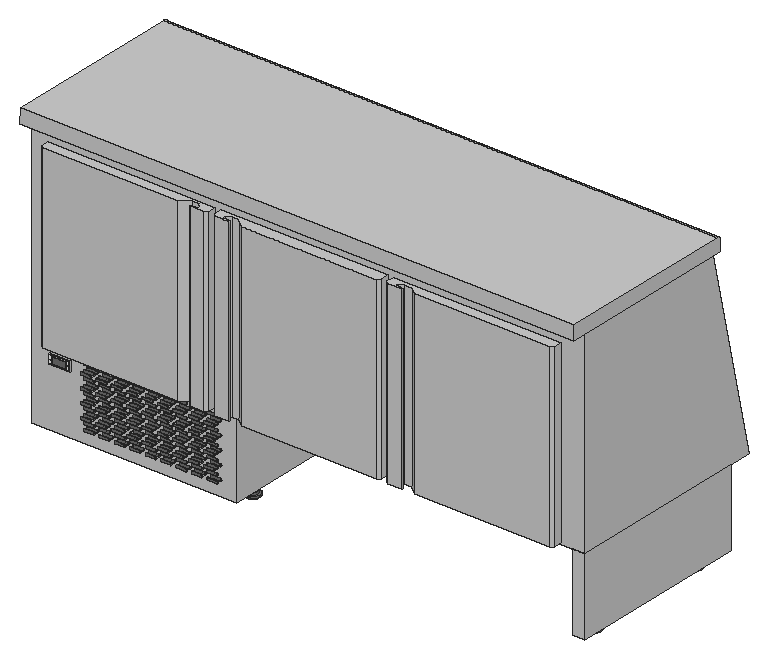
Revit family "QF_INFRICO_VC2010_250815103717", category Specialty Equipment, Revit 2021
Family settings
  Round Connector Dimension = Use Diameter
  Part Type = Normal
  OmniClass Number = 23.40.40.14
  OmniClass Title = Food Service Equipment
  Work Plane-Based = No
  Always vertical = Yes
  Cut with Voids When Loaded = No
  Shared = No
  Room Calculation Point = No
Parameters (values of type "VC2010")
  Weight [instance] = 212.00 kg
  Waste Water Discharge Temperature [instance] = 0 °C
  Waste Remarks [instance] = ""
  Warranty Start Date [instance] = ""
  Warranty Duration [instance] = ""
  Volts [instance] = 230 V
  Volt Free Conn [instance] = no
  URL Recommended Spares List [instance] = ""
  URL Manufacturer [instance] = ""
  URL Cutsheet [instance] = ""
  URL Critical Spares List [instance] = ""
  URL = "www.infrico.com"
  Technical Documentation [instance] = ""
  Tag Number [instance] = ""
  Status [instance] = ""
  Start Up Current [instance] = 0 A
  Specification by User [instance] = ""
  Specification by Manufacturer [instance] = ""
  Sound Level [instance] = ""
  Show Logo [instance] = yes
  Show Clearances [instance] = yes
  Service Life Duration [instance] = ""
  Serial Number [instance] = ""
  Seismic Rating [instance] = ""
  SMACNA No [instance] = ""
  Revision Code [instance] = ""
  Revision [instance] = ""
  Production Year [instance] = ""
  Potential Equalisation [instance] = no
  Point Load [instance] = 0
  Plumbing Connection Type [instance] = ""
  Phase [instance] = 1
  Other Equipment Approvals [instance] = ""
  Operational Current [instance] = 0 A
  Number of Poles [instance] = 2
  No Load Power Draw [instance] = no
  NAFEM Spec ID Number [instance] = ""
  Model Warning [instance] = ""
  Model = "VC2010"
  Min Ckt Ampacity [instance] = 0 A
  Max Overcurrent Protection [instance] = 0 A
  Masterspec [instance] = ""
  Manufacturer = "INFRICO"
  Main switch integrated [instance] = no
  Length Actual [instance] = 2011 mm
  Item Number [instance] = ""
  Installed By [instance] = ""
  Installation Date [instance] = ""
  Indirect Waste Size [instance] = 19.05 mm
  Indirect Waste Remarks [instance] = ""
  Indirect Waste Flow [instance] = 0.0 L/s
  Indirect Waste Connection Type [instance] = ""
  Indirect Waste Connection Height [instance] = 0 mm
  Identify Quantity as Lot [instance] = no
  ID [instance] = ""
  Hygiene Approval [instance] = ""
  Height Actual [instance] = 1060 mm
  HP power [instance] = ""
  Furnished By [instance] = ""
  Foodservice Equipment Identifier [instance] = no
  FL Amps [instance] = 0 A
  Electrical Remarks [instance] = ""
  Electric power [instance] = 680 W
  Electric Connection Type [instance] = ""
  Elec Conn RI Height [instance] = 0 mm
  Elec Conn Connection Height [instance] = 0 mm
  ETL Approved [instance] = no
  Direct Waste Water Discharge Temperature [instance] = -273.15 °C
  Direct Waste Size [instance] = 19.05 mm
  Direct Waste RI Height [instance] = 0 mm
  Direct Waste Flow [instance] = 0.0 L/s
  Direct Waste Connection Height [instance] = 0 mm
  Description = "3/4 VISION COUNTER CASE - THREE DOORS - R134A"
  Depth Actual [instance] = 800 mm
  Default Elevation = 0 mm
  Cycle [instance] = 50 Hz
  Cost = 0
  Connection to energy optimisation system [instance] = yes
  Conn Plug [instance] = ""
  Conn Conduit [instance] = no
  Centralized building control system with digital interface [instance] = ""
  CSI MasterFormat [instance] = ""
  CE Approved [instance] = no
  Barcode [instance] = 0
  Author [instance] = ""
  Asset Identifier [instance] = ""
  Apparent Power [instance] = 680 VA
  Accessory [instance] = no
Reference planes
  plane 1 "Center (Front/Back)": y = 0
  plane 2: z = 0
  plane 3 "Center (Left/Right)": x = 0
Forms (mm)
  Extrusion 1, solid, not visible
    sketch origin (1863.591, -700.034, 298.015) x (1, 0, 0) y (0, 1, 0)
      loop
        line (-2, 2) -> (-2, -2) -> (2, -2) -> (2, 2) -> (-2, 2)
    from -2 to 2
  Extrusion 2, solid, not visible
    sketch origin (105.005, -742.036, 55.003) x (1, 0, 0) y (0, 1, 0)
      loop
        line (-2, 2) -> (-2, -2) -> (2, -2) -> (2, 2) -> (-2, 2)
    from -2 to 2
Dimensions and locks
  locked: nested 2 to Extrusion 1 at 2  (x2)
  locked: nested 3 to Extrusion 2 at 4
  locked: nested 3 to Extrusion 2 at 2
  aligned and locked: level to plane 2
Nested families
  nested 1: "QF_INFRICO_VC2010_2920" at (0, 0, 0), type "VC2010"
    with Weight 212.00 kg, Warranty Start Date "", Warranty Duration "", URL Cutsheet "", Technical Documentation "", Tag Number "", Status "", Specification by User "", Specification by Manufacturer "", Sound Level "", Solid Fuel Type "", Show Logo yes, Show Clearances yes, Show Clearance yes, Service Life Duration "", Serial Number "", Seismic Rating "", SMACNA No "", Revision Code "", Revision "", Production Year "", Point Load 0, Other Equipment Approvals "", NAFEM Spec ID Number "", Model Warning "", Masterspec "", Length Actual 2011 mm, Item Number "", Installed By "", Installation Date "", Identify Quantity as Lot yes, ID "", Hygiene Approval "", Height Actual 1060 mm, Furnished By "", Foodservice Equipment Identifier yes, Finish none, ETL Approved yes, Depth Actual 800 mm, CSI MasterFormat "", CE Approved no, Barcode "", Author "", Asset Identifier "", Accessory no
  nested 2: "CONN_POINT_DRAIN_2D___Generic_Annotation" at (1863.591, -700.034, 296.014), type "CONN_POINT_DRAIN_2D___Generic_Annotation"
    with Onboard connection annotation symbol visibility yes
  nested 3: "CONN_POINT_ELE_2D___Generic_Annotation" at (105.005, -744.036, 55.003), type "CONN_POINT_ELE_2D___Generic_Annotation"
    with Onboard connection annotation symbol visibility yes
Connectors
  piping at (1863.591, -700.034, 296.014), diameter 19.05, driven by "Indirect Waste Size", driven by "Direct Waste Flow"
    settings: on Extrusion 1, index 1, connector inside diameter 609.6 mm, connector length 0 mm, flow factor 0, pipe flow 0.0 L/s, pressure drop 0.0 Pa, fitting loss kfactor 0, connector angle 0.00°, fixture units 0, engagement length 0 mm, angle of deflection 0.00°, flow configuration 1, flow direction 2, fitting loss method 0, system type 16, joint type 0, gender type 0, connector reference index -1, connector utility 0, adjustable connector no, is connector primary yes, connector description "Waste connection for VC2010"
  electrical at (105.005, -744.036, 55.003), driven by "Apparent Power", driven by "Number of Poles", driven by "Volts"
    settings: on Extrusion 2, index 2, voltage 230 V, apparent load 0 VA, apparent load phase1 680 VA, apparent load phase2 0 VA, apparent load phase3 0 VA, power factor 1, load classification "Other", number of poles 2, system type 31, power factor state 1, is connector primary yes, connector utility no, sub classification motor no, connector description "Electrical connection for VC2010"
Definition of nested family "QF_INFRICO_VC2010_2920"
  Parameters (values of type "VC2010")
    Weight [instance] = 0.00 kg
    Warranty Start Date [instance] = ""
    Warranty Duration [instance] = ""
    URL Cutsheet [instance] = ""
    URL = "www.jestic.co.uk"
    Technical Documentation [instance] = ""
    Tag Number [instance] = ""
    Status [instance] = ""
    Specification by User [instance] = ""
    Specification by Manufacturer [instance] = ""
    Sound Level [instance] = ""
    Solid Fuel Type [instance] = ""
    Show Logo [instance] = yes
    Show Clearances [instance] = yes
    Show Clearance [instance] = yes
    Service Life Duration [instance] = ""
    Serial Number [instance] = ""
    Seismic Rating [instance] = ""
    SMACNA No [instance] = ""
    Revision Code [instance] = ""
    Revision [instance] = ""
    Production Year [instance] = ""
    Point Load [instance] = 0
    Other Equipment Approvals [instance] = ""
    NAFEM Spec ID Number [instance] = ""
    Model Warning [instance] = ""
    Model = "VC2010"
    Masterspec [instance] = ""
    Manufacturer = "INFRICO"
    Length Actual [instance] = 0 mm
    Item Number [instance] = ""
    Installed By [instance] = ""
    Installation Date [instance] = ""
    Identify Quantity as Lot [instance] = yes
    ID [instance] = ""
    Hygiene Approval [instance] = ""
    Height Actual [instance] = 0 mm
    Furnished By [instance] = ""
    Foodservice Equipment Identifier [instance] = yes
    Finish [instance] = none
    ETL Approved [instance] = yes
    Description = "3/4 VISION COUNTER CASE - THREE DOORS - R134A"
    Depth Actual [instance] = 0 mm
    Default Elevation = 0 mm
    CSI MasterFormat [instance] = ""
    CE Approved [instance] = yes
    Barcode [instance] = ""
    Author [instance] = ""
    Asset Identifier [instance] = ""
    Assembly Code = "E1090320"
    Accessory [instance] = yes
  Reference planes
    plane 1 "Back": y = 0
    plane 2: z = 0
    plane 3 "Left": x = 0
    plane 4 "Right": x = 2011
    plane 5 "Front": y = -800
    plane 6 "Top": z = 1060
  Forms (mm)
    Extrusion 1, solid
      sketch origin (0, 0, 86) x (0, 1, 0) y (0, 0, 1)
        loop
          line (-744, 924) -> (-744, 210) -> (-4, 210) -> (-164.901, 924) -> (-744, 924)
      from 0 to 25
    Extrusion 2, solid
      sketch origin (1986, 0, 86) x (0, 1, 0) y (0, 0, 1)
        loop
          line (-744, 924) -> (-744, 210) -> (-4, 210) -> (-164.901, 924) -> (-744, 924)
      from 0 to 25
    Extrusion 3, solid
      sketch origin (0, 6, 90) x (0, 1, 0) y (0, 0, 1)
        loop
          line (-800, 920) -> (-140, 920) -> (-140, 960)
          arc (-140, 960) -> (-142.929, 967.071) -> (-150, 970) r 10
          line (-150, 970) -> (-800, 970) -> (-800, 920)
      from 0 to 2011
    Extrusion 4, solid
      sketch origin (0, 0, -4) x (0, 1, 0) y (0, 0, 1)
        loop
          line (-744, 300) -> (-744, 20) -> (-84, 20) -> (-84, 300) -> (-744, 300)
      from 0 to 25
    Extrusion 5, solid
      sketch origin (1986, 0, -4) x (0, 1, 0) y (0, 0, 1)
        loop
          line (-744, 300) -> (-744, 20) -> (-84, 20) -> (-84, 300) -> (-744, 300)
      from 0 to 25
    Extrusion 6, solid
      sketch origin (0, 0, 0) x (0, 1, 0) y (0, 0, 1)
        loop
          line (-94, 296) -> (-144, 296) -> (-144, 16) -> (-94, 16) -> (-94, 26) -> (-104, 36) -> (-104, 276) -> (-94, 286) -> (-94, 296)
      from 25 to 1986
    Extrusion 7, solid
      sketch origin (25, 0, 86) x (0, 1, 0) y (0, 0, 1)
        loop
          line (-744, 924) -> (-744, 210) -> (-54, 210) -> (-214.901, 924) -> (-744, 924)
      from 0 to 30
    Extrusion 8, solid
      sketch origin (1956, 0, 86) x (0, 1, 0) y (0, 0, 1)
        loop
          line (-744, 924) -> (-744, 210) -> (-54, 210) -> (-214.901, 924) -> (-744, 924)
      from 0 to 30
    Extrusion 9, solid
      sketch origin (0, -0.901, 4) x (0, 1, 0) y (0, 0, 1)
        loop
          line (-214, 1006) -> (-743.099, 1006) -> (-743.099, 964) -> (-204.535, 964) -> (-214, 1006)
      from 55 to 1956
    Extrusion 10, solid
      sketch origin (0, 0, -668) x (0, 1, 0) y (0, 0, 1)
        loop
          line (-63.465, 1006) -> (-744, 1006) -> (-744, 964) -> (-54, 964) -> (-63.465, 1006)
      from 55 to 1956
    Extrusion 11, solid
      sketch origin (0, 25.281, 103.397) x (1, 0, 0) y (0, -0.219839, 0.975536)
        loop
          line (44, 908.837) -> (44, 238.837) -> (1967, 238.837) -> (1967, 908.837) -> (44, 908.837)
        loop
          line (92, 860.837) -> (92, 286.837) -> (1919, 286.837) -> (1919, 860.837) -> (92, 860.837)
      from 0 to 35
    Extrusion 12, solid
      sketch origin (0, 0, 0) x (0, 1, 0) y (0, 0, 1)
        loop
          line (-163.964, 943.174) -> (-189.328, 937.458) -> (-63.141, 377.501) -> (-37.777, 383.217) -> (-163.964, 943.174)
      from 92 to 1919
    Revolve 13, solid
      sketch origin (35, -659, 0) x (0, 1, 0) y (0, 0, 1)
        loop
          line (0, 0) -> (20, 0)
          arc (20, 0) -> (23.536, 1.464) -> (25, 5) r 5
          line (25, 5) -> (25, 10) -> (15, 10) -> (15, 15) -> (7, 15) -> (7, 16) -> (0, 16) -> (0, 0)
        axis (0, 0) -> (0, 16)
      angle from 0 to 360
    Revolve 14, solid
      sketch origin (1976, -659, 0) x (0, 1, 0) y (0, 0, 1)
        loop
          line (0, 0) -> (20, 0)
          arc (20, 0) -> (23.536, 1.464) -> (25, 5) r 5
          line (25, 5) -> (25, 10) -> (15, 10) -> (15, 15) -> (7, 15) -> (7, 16) -> (0, 16) -> (0, 0)
        axis (0, 0) -> (0, 16)
      angle from 0 to 360
    Revolve 15, solid
      sketch origin (35, -199, 0) x (0, 1, 0) y (0, 0, 1)
        loop
          line (0, 0) -> (20, 0)
          arc (20, 0) -> (23.536, 1.464) -> (25, 5) r 5
          line (25, 5) -> (25, 10) -> (15, 10) -> (15, 15) -> (7, 15) -> (7, 16) -> (0, 16) -> (0, 0)
        axis (0, 0) -> (0, 16)
      angle from 0 to 360
    Revolve 16, solid
      sketch origin (1976, -199, 0) x (0, 1, 0) y (0, 0, 1)
        loop
          line (0, 0) -> (20, 0)
          arc (20, 0) -> (23.536, 1.464) -> (25, 5) r 5
          line (25, 5) -> (25, 10) -> (15, 10) -> (15, 15) -> (7, 15) -> (7, 16) -> (0, 16) -> (0, 0)
        axis (0, 0) -> (0, 16)
      angle from 0 to 360
    Extrusion 17, solid
      sketch origin (0, 0, 0) x (1, 0, 0) y (0, 0, 1)
        loop
          line (25, 16) -> (747, 16) -> (747, 296) -> (25, 296) -> (25, 16)
      from 144 to 744
    Extrusion 18, solid
      sketch origin (1329, 0, 0) x (1, 0, 0) y (0, 0, 1)
        loop
          line (637, 16) -> (657, 16) -> (657, 296) -> (637, 296) -> (637, 16)
      from 144 to 744
    Extrusion 19, solid
      sketch origin (66.5, -742.1, 0) x (1, 0, 0) y (0, 0, 1)
        loop
          arc (128, 63) -> (123.5, 58.5) -> (128, 54) r 4.5
          line (128, 54) -> (159, 54)
          arc (159, 54) -> (163.5, 58.5) -> (159, 63) r 4.5
          line (159, 63) -> (128, 63)
        loop
          arc (184, 63) -> (179.5, 58.5) -> (184, 54) r 4.5
          line (184, 54) -> (215, 54)
          arc (215, 54) -> (219.5, 58.5) -> (215, 63) r 4.5
          line (215, 63) -> (184, 63)
        loop
          arc (240, 63) -> (235.5, 58.5) -> (240, 54) r 4.5
          line (240, 54) -> (271, 54)
          arc (271, 54) -> (275.5, 58.5) -> (271, 63) r 4.5
          line (271, 63) -> (240, 63)
        loop
          arc (296, 63) -> (291.5, 58.5) -> (296, 54) r 4.5
          line (296, 54) -> (327, 54)
          arc (327, 54) -> (331.5, 58.5) -> (327, 63) r 4.5
          line (327, 63) -> (296, 63)
        loop
          arc (352, 63) -> (347.5, 58.5) -> (352, 54) r 4.5
          line (352, 54) -> (383, 54)
          arc (383, 54) -> (387.5, 58.5) -> (383, 63) r 4.5
          line (383, 63) -> (352, 63)
        loop
          arc (408, 63) -> (403.5, 58.5) -> (408, 54) r 4.5
          line (408, 54) -> (439, 54)
          arc (439, 54) -> (443.5, 58.5) -> (439, 63) r 4.5
          line (439, 63) -> (408, 63)
        loop
          arc (464, 63) -> (459.5, 58.5) -> (464, 54) r 4.5
          line (464, 54) -> (495, 54)
          arc (495, 54) -> (499.5, 58.5) -> (495, 63) r 4.5
          line (495, 63) -> (464, 63)
        loop
          arc (520, 63) -> (515.5, 58.5) -> (520, 54) r 4.5
          line (520, 54) -> (551, 54)
          arc (551, 54) -> (555.5, 58.5) -> (551, 63) r 4.5
          line (551, 63) -> (520, 63)
        loop
          arc (576, 63) -> (571.5, 58.5) -> (576, 54) r 4.5
          line (576, 54) -> (607, 54)
          arc (607, 54) -> (611.5, 58.5) -> (607, 63) r 4.5
          line (607, 63) -> (576, 63)
        loop
          arc (140, 75) -> (135.5, 70.5) -> (140, 66) r 4.5
          line (140, 66) -> (171, 66)
          arc (171, 66) -> (175.5, 70.5) -> (171, 75) r 4.5
          line (171, 75) -> (140, 75)
        loop
          arc (196, 75) -> (191.5, 70.5) -> (196, 66) r 4.5
          line (196, 66) -> (227, 66)
          arc (227, 66) -> (231.5, 70.5) -> (227, 75) r 4.5
          line (227, 75) -> (196, 75)
        loop
          arc (252, 75) -> (247.5, 70.5) -> (252, 66) r 4.5
          line (252, 66) -> (283, 66)
          arc (283, 66) -> (287.5, 70.5) -> (283, 75) r 4.5
          line (283, 75) -> (252, 75)
        loop
          arc (308, 75) -> (303.5, 70.5) -> (308, 66) r 4.5
          line (308, 66) -> (339, 66)
          arc (339, 66) -> (343.5, 70.5) -> (339, 75) r 4.5
          line (339, 75) -> (308, 75)
        loop
          arc (364, 75) -> (359.5, 70.5) -> (364, 66) r 4.5
          line (364, 66) -> (395, 66)
          arc (395, 66) -> (399.5, 70.5) -> (395, 75) r 4.5
          line (395, 75) -> (364, 75)
        loop
          arc (420, 75) -> (415.5, 70.5) -> (420, 66) r 4.5
          line (420, 66) -> (451, 66)
          arc (451, 66) -> (455.5, 70.5) -> (451, 75) r 4.5
          line (451, 75) -> (420, 75)
        loop
          arc (476, 75) -> (471.5, 70.5) -> (476, 66) r 4.5
          line (476, 66) -> (507, 66)
          arc (507, 66) -> (511.5, 70.5) -> (507, 75) r 4.5
          line (507, 75) -> (476, 75)
        loop
          arc (532, 75) -> (527.5, 70.5) -> (532, 66) r 4.5
          line (532, 66) -> (563, 66)
          arc (563, 66) -> (567.5, 70.5) -> (563, 75) r 4.5
          line (563, 75) -> (532, 75)
        loop
          arc (588, 75) -> (583.5, 70.5) -> (588, 66) r 4.5
          line (588, 66) -> (619, 66)
          arc (619, 66) -> (623.5, 70.5) -> (619, 75) r 4.5
          line (619, 75) -> (588, 75)
        loop
          arc (128, 87) -> (123.5, 82.5) -> (128, 78) r 4.5
          line (128, 78) -> (159, 78)
          arc (159, 78) -> (163.5, 82.5) -> (159, 87) r 4.5
          line (159, 87) -> (128, 87)
        loop
          arc (184, 87) -> (179.5, 82.5) -> (184, 78) r 4.5
          line (184, 78) -> (215, 78)
          arc (215, 78) -> (219.5, 82.5) -> (215, 87) r 4.5
          line (215, 87) -> (184, 87)
        loop
          arc (240, 87) -> (235.5, 82.5) -> (240, 78) r 4.5
          line (240, 78) -> (271, 78)
          arc (271, 78) -> (275.5, 82.5) -> (271, 87) r 4.5
          line (271, 87) -> (240, 87)
        loop
          arc (296, 87) -> (291.5, 82.5) -> (296, 78) r 4.5
          line (296, 78) -> (327, 78)
          arc (327, 78) -> (331.5, 82.5) -> (327, 87) r 4.5
          line (327, 87) -> (296, 87)
        loop
          arc (352, 87) -> (347.5, 82.5) -> (352, 78) r 4.5
          line (352, 78) -> (383, 78)
          arc (383, 78) -> (387.5, 82.5) -> (383, 87) r 4.5
          line (383, 87) -> (352, 87)
        loop
          arc (408, 87) -> (403.5, 82.5) -> (408, 78) r 4.5
          line (408, 78) -> (439, 78)
          arc (439, 78) -> (443.5, 82.5) -> (439, 87) r 4.5
          line (439, 87) -> (408, 87)
        loop
          arc (464, 87) -> (459.5, 82.5) -> (464, 78) r 4.5
          line (464, 78) -> (495, 78)
          arc (495, 78) -> (499.5, 82.5) -> (495, 87) r 4.5
          line (495, 87) -> (464, 87)
        loop
          arc (520, 87) -> (515.5, 82.5) -> (520, 78) r 4.5
          line (520, 78) -> (551, 78)
          arc (551, 78) -> (555.5, 82.5) -> (551, 87) r 4.5
          line (551, 87) -> (520, 87)
        loop
          arc (576, 87) -> (571.5, 82.5) -> (576, 78) r 4.5
          line (576, 78) -> (607, 78)
          arc (607, 78) -> (611.5, 82.5) -> (607, 87) r 4.5
          line (607, 87) -> (576, 87)
        loop
          arc (116, 99) -> (111.5, 94.5) -> (116, 90) r 4.5
          line (116, 90) -> (147, 90)
          arc (147, 90) -> (151.5, 94.5) -> (147, 99) r 4.5
          line (147, 99) -> (116, 99)
        loop
          arc (172, 99) -> (167.5, 94.5) -> (172, 90) r 4.5
          line (172, 90) -> (203, 90)
          arc (203, 90) -> (207.5, 94.5) -> (203, 99) r 4.5
          line (203, 99) -> (172, 99)
        loop
          arc (228, 99) -> (223.5, 94.5) -> (228, 90) r 4.5
          line (228, 90) -> (259, 90)
          arc (259, 90) -> (263.5, 94.5) -> (259, 99) r 4.5
          line (259, 99) -> (228, 99)
        loop
          arc (284, 99) -> (279.5, 94.5) -> (284, 90) r 4.5
          line (284, 90) -> (315, 90)
          arc (315, 90) -> (319.5, 94.5) -> (315, 99) r 4.5
          line (315, 99) -> (284, 99)
        loop
          arc (340, 99) -> (335.5, 94.5) -> (340, 90) r 4.5
          line (340, 90) -> (371, 90)
          arc (371, 90) -> (375.5, 94.5) -> (371, 99) r 4.5
          line (371, 99) -> (340, 99)
        loop
          arc (396, 99) -> (391.5, 94.5) -> (396, 90) r 4.5
          line (396, 90) -> (427, 90)
          arc (427, 90) -> (431.5, 94.5) -> (427, 99) r 4.5
          line (427, 99) -> (396, 99)
        loop
          arc (452, 99) -> (447.5, 94.5) -> (452, 90) r 4.5
          line (452, 90) -> (483, 90)
          arc (483, 90) -> (487.5, 94.5) -> (483, 99) r 4.5
          line (483, 99) -> (452, 99)
        loop
          arc (508, 99) -> (503.5, 94.5) -> (508, 90) r 4.5
          line (508, 90) -> (539, 90)
          arc (539, 90) -> (543.5, 94.5) -> (539, 99) r 4.5
          line (539, 99) -> (508, 99)
        loop
          arc (564, 99) -> (559.5, 94.5) -> (564, 90) r 4.5
          line (564, 90) -> (595, 90)
          arc (595, 90) -> (599.5, 94.5) -> (595, 99) r 4.5
          line (595, 99) -> (564, 99)
        loop
          arc (128, 111) -> (123.5, 106.5) -> (128, 102) r 4.5
          line (128, 102) -> (159, 102)
          arc (159, 102) -> (163.5, 106.5) -> (159, 111) r 4.5
          line (159, 111) -> (128, 111)
        loop
          arc (184, 111) -> (179.5, 106.5) -> (184, 102) r 4.5
          line (184, 102) -> (215, 102)
          arc (215, 102) -> (219.5, 106.5) -> (215, 111) r 4.5
          line (215, 111) -> (184, 111)
        loop
          arc (240, 111) -> (235.5, 106.5) -> (240, 102) r 4.5
          line (240, 102) -> (271, 102)
          arc (271, 102) -> (275.5, 106.5) -> (271, 111) r 4.5
          line (271, 111) -> (240, 111)
        loop
          arc (296, 111) -> (291.5, 106.5) -> (296, 102) r 4.5
          line (296, 102) -> (327, 102)
          arc (327, 102) -> (331.5, 106.5) -> (327, 111) r 4.5
          line (327, 111) -> (296, 111)
        loop
          arc (352, 111) -> (347.5, 106.5) -> (352, 102) r 4.5
          line (352, 102) -> (383, 102)
          arc (383, 102) -> (387.5, 106.5) -> (383, 111) r 4.5
          line (383, 111) -> (352, 111)
        loop
          arc (408, 111) -> (403.5, 106.5) -> (408, 102) r 4.5
          line (408, 102) -> (439, 102)
          arc (439, 102) -> (443.5, 106.5) -> (439, 111) r 4.5
          line (439, 111) -> (408, 111)
        loop
          arc (464, 111) -> (459.5, 106.5) -> (464, 102) r 4.5
          line (464, 102) -> (495, 102)
          arc (495, 102) -> (499.5, 106.5) -> (495, 111) r 4.5
          line (495, 111) -> (464, 111)
        loop
          arc (520, 111) -> (515.5, 106.5) -> (520, 102) r 4.5
          line (520, 102) -> (551, 102)
          arc (551, 102) -> (555.5, 106.5) -> (551, 111) r 4.5
          line (551, 111) -> (520, 111)
        loop
          arc (576, 111) -> (571.5, 106.5) -> (576, 102) r 4.5
          line (576, 102) -> (607, 102)
          arc (607, 102) -> (611.5, 106.5) -> (607, 111) r 4.5
          line (607, 111) -> (576, 111)
        loop
          arc (140, 123) -> (135.5, 118.5) -> (140, 114) r 4.5
          line (140, 114) -> (171, 114)
          arc (171, 114) -> (175.5, 118.5) -> (171, 123) r 4.5
          line (171, 123) -> (140, 123)
        loop
          arc (196, 123) -> (191.5, 118.5) -> (196, 114) r 4.5
          line (196, 114) -> (227, 114)
          arc (227, 114) -> (231.5, 118.5) -> (227, 123) r 4.5
          line (227, 123) -> (196, 123)
        loop
          arc (252, 123) -> (247.5, 118.5) -> (252, 114) r 4.5
          line (252, 114) -> (283, 114)
          arc (283, 114) -> (287.5, 118.5) -> (283, 123) r 4.5
          line (283, 123) -> (252, 123)
        loop
          arc (308, 123) -> (303.5, 118.5) -> (308, 114) r 4.5
          line (308, 114) -> (339, 114)
          arc (339, 114) -> (343.5, 118.5) -> (339, 123) r 4.5
          line (339, 123) -> (308, 123)
        loop
          arc (364, 123) -> (359.5, 118.5) -> (364, 114) r 4.5
          line (364, 114) -> (395, 114)
          arc (395, 114) -> (399.5, 118.5) -> (395, 123) r 4.5
          line (395, 123) -> (364, 123)
        loop
          arc (420, 123) -> (415.5, 118.5) -> (420, 114) r 4.5
          line (420, 114) -> (451, 114)
          arc (451, 114) -> (455.5, 118.5) -> (451, 123) r 4.5
          line (451, 123) -> (420, 123)
        loop
          arc (476, 123) -> (471.5, 118.5) -> (476, 114) r 4.5
          line (476, 114) -> (507, 114)
          arc (507, 114) -> (511.5, 118.5) -> (507, 123) r 4.5
          line (507, 123) -> (476, 123)
        loop
          arc (532, 123) -> (527.5, 118.5) -> (532, 114) r 4.5
          line (532, 114) -> (563, 114)
          arc (563, 114) -> (567.5, 118.5) -> (563, 123) r 4.5
          line (563, 123) -> (532, 123)
        loop
          arc (588, 123) -> (583.5, 118.5) -> (588, 114) r 4.5
          line (588, 114) -> (619, 114)
          arc (619, 114) -> (623.5, 118.5) -> (619, 123) r 4.5
          line (619, 123) -> (588, 123)
        loop
          arc (128, 135) -> (123.5, 130.5) -> (128, 126) r 4.5
          line (128, 126) -> (159, 126)
          arc (159, 126) -> (163.5, 130.5) -> (159, 135) r 4.5
          line (159, 135) -> (128, 135)
        loop
          arc (184, 135) -> (179.5, 130.5) -> (184, 126) r 4.5
          line (184, 126) -> (215, 126)
          arc (215, 126) -> (219.5, 130.5) -> (215, 135) r 4.5
          line (215, 135) -> (184, 135)
        loop
          arc (240, 135) -> (235.5, 130.5) -> (240, 126) r 4.5
          line (240, 126) -> (271, 126)
          arc (271, 126) -> (275.5, 130.5) -> (271, 135) r 4.5
          line (271, 135) -> (240, 135)
        loop
          arc (296, 135) -> (291.5, 130.5) -> (296, 126) r 4.5
          line (296, 126) -> (327, 126)
          arc (327, 126) -> (331.5, 130.5) -> (327, 135) r 4.5
          line (327, 135) -> (296, 135)
        loop
          arc (352, 135) -> (347.5, 130.5) -> (352, 126) r 4.5
          line (352, 126) -> (383, 126)
          arc (383, 126) -> (387.5, 130.5) -> (383, 135) r 4.5
          line (383, 135) -> (352, 135)
        loop
          arc (408, 135) -> (403.5, 130.5) -> (408, 126) r 4.5
          line (408, 126) -> (439, 126)
          arc (439, 126) -> (443.5, 130.5) -> (439, 135) r 4.5
          line (439, 135) -> (408, 135)
        loop
          arc (464, 135) -> (459.5, 130.5) -> (464, 126) r 4.5
          line (464, 126) -> (495, 126)
          arc (495, 126) -> (499.5, 130.5) -> (495, 135) r 4.5
          line (495, 135) -> (464, 135)
        loop
          arc (520, 135) -> (515.5, 130.5) -> (520, 126) r 4.5
          line (520, 126) -> (551, 126)
          arc (551, 126) -> (555.5, 130.5) -> (551, 135) r 4.5
          line (551, 135) -> (520, 135)
        loop
          arc (576, 135) -> (571.5, 130.5) -> (576, 126) r 4.5
          line (576, 126) -> (607, 126)
          arc (607, 126) -> (611.5, 130.5) -> (607, 135) r 4.5
          line (607, 135) -> (576, 135)
        loop
          arc (116, 147) -> (111.5, 142.5) -> (116, 138) r 4.5
          line (116, 138) -> (147, 138)
          arc (147, 138) -> (151.5, 142.5) -> (147, 147) r 4.5
          line (147, 147) -> (116, 147)
        loop
          arc (172, 147) -> (167.5, 142.5) -> (172, 138) r 4.5
          line (172, 138) -> (203, 138)
          arc (203, 138) -> (207.5, 142.5) -> (203, 147) r 4.5
          line (203, 147) -> (172, 147)
        loop
          arc (228, 147) -> (223.5, 142.5) -> (228, 138) r 4.5
          line (228, 138) -> (259, 138)
          arc (259, 138) -> (263.5, 142.5) -> (259, 147) r 4.5
          line (259, 147) -> (228, 147)
        loop
          arc (284, 147) -> (279.5, 142.5) -> (284, 138) r 4.5
          line (284, 138) -> (315, 138)
          arc (315, 138) -> (319.5, 142.5) -> (315, 147) r 4.5
          line (315, 147) -> (284, 147)
        loop
          arc (340, 147) -> (335.5, 142.5) -> (340, 138) r 4.5
          line (340, 138) -> (371, 138)
          arc (371, 138) -> (375.5, 142.5) -> (371, 147) r 4.5
          line (371, 147) -> (340, 147)
        loop
          arc (396, 147) -> (391.5, 142.5) -> (396, 138) r 4.5
          line (396, 138) -> (427, 138)
          arc (427, 138) -> (431.5, 142.5) -> (427, 147) r 4.5
          line (427, 147) -> (396, 147)
        loop
          arc (452, 147) -> (447.5, 142.5) -> (452, 138) r 4.5
          line (452, 138) -> (483, 138)
          arc (483, 138) -> (487.5, 142.5) -> (483, 147) r 4.5
          line (483, 147) -> (452, 147)
        loop
          arc (508, 147) -> (503.5, 142.5) -> (508, 138) r 4.5
          line (508, 138) -> (539, 138)
          arc (539, 138) -> (543.5, 142.5) -> (539, 147) r 4.5
          line (539, 147) -> (508, 147)
        loop
          arc (564, 147) -> (559.5, 142.5) -> (564, 138) r 4.5
          line (564, 138) -> (595, 138)
          arc (595, 138) -> (599.5, 142.5) -> (595, 147) r 4.5
          line (595, 147) -> (564, 147)
        loop
          arc (128, 159) -> (123.5, 154.5) -> (128, 150) r 4.5
          line (128, 150) -> (159, 150)
          arc (159, 150) -> (163.5, 154.5) -> (159, 159) r 4.5
          line (159, 159) -> (128, 159)
        loop
          arc (184, 159) -> (179.5, 154.5) -> (184, 150) r 4.5
          line (184, 150) -> (215, 150)
          arc (215, 150) -> (219.5, 154.5) -> (215, 159) r 4.5
          line (215, 159) -> (184, 159)
        loop
          arc (240, 159) -> (235.5, 154.5) -> (240, 150) r 4.5
          line (240, 150) -> (271, 150)
          arc (271, 150) -> (275.5, 154.5) -> (271, 159) r 4.5
          line (271, 159) -> (240, 159)
        loop
          arc (296, 159) -> (291.5, 154.5) -> (296, 150) r 4.5
          line (296, 150) -> (327, 150)
          arc (327, 150) -> (331.5, 154.5) -> (327, 159) r 4.5
          line (327, 159) -> (296, 159)
        loop
          arc (352, 159) -> (347.5, 154.5) -> (352, 150) r 4.5
          line (352, 150) -> (383, 150)
          arc (383, 150) -> (387.5, 154.5) -> (383, 159) r 4.5
          line (383, 159) -> (352, 159)
        loop
          arc (408, 159) -> (403.5, 154.5) -> (408, 150) r 4.5
          line (408, 150) -> (439, 150)
          arc (439, 150) -> (443.5, 154.5) -> (439, 159) r 4.5
          line (439, 159) -> (408, 159)
        loop
          arc (464, 159) -> (459.5, 154.5) -> (464, 150) r 4.5
          line (464, 150) -> (495, 150)
          arc (495, 150) -> (499.5, 154.5) -> (495, 159) r 4.5
          line (495, 159) -> (464, 159)
        loop
          arc (520, 159) -> (515.5, 154.5) -> (520, 150) r 4.5
          line (520, 150) -> (551, 150)
          arc (551, 150) -> (555.5, 154.5) -> (551, 159) r 4.5
          line (551, 159) -> (520, 159)
        loop
          arc (576, 159) -> (571.5, 154.5) -> (576, 150) r 4.5
          line (576, 150) -> (607, 150)
          arc (607, 150) -> (611.5, 154.5) -> (607, 159) r 4.5
          line (607, 159) -> (576, 159)
        loop
          arc (140, 171) -> (135.5, 166.5) -> (140, 162) r 4.5
          line (140, 162) -> (171, 162)
          arc (171, 162) -> (175.5, 166.5) -> (171, 171) r 4.5
          line (171, 171) -> (140, 171)
        loop
          arc (196, 171) -> (191.5, 166.5) -> (196, 162) r 4.5
          line (196, 162) -> (227, 162)
          arc (227, 162) -> (231.5, 166.5) -> (227, 171) r 4.5
          line (227, 171) -> (196, 171)
        loop
          arc (252, 171) -> (247.5, 166.5) -> (252, 162) r 4.5
          line (252, 162) -> (283, 162)
          arc (283, 162) -> (287.5, 166.5) -> (283, 171) r 4.5
          line (283, 171) -> (252, 171)
        loop
          arc (308, 171) -> (303.5, 166.5) -> (308, 162) r 4.5
          line (308, 162) -> (339, 162)
          arc (339, 162) -> (343.5, 166.5) -> (339, 171) r 4.5
          line (339, 171) -> (308, 171)
        loop
          arc (364, 171) -> (359.5, 166.5) -> (364, 162) r 4.5
          line (364, 162) -> (395, 162)
          arc (395, 162) -> (399.5, 166.5) -> (395, 171) r 4.5
          line (395, 171) -> (364, 171)
        loop
          arc (420, 171) -> (415.5, 166.5) -> (420, 162) r 4.5
          line (420, 162) -> (451, 162)
          arc (451, 162) -> (455.5, 166.5) -> (451, 171) r 4.5
          line (451, 171) -> (420, 171)
        loop
          arc (476, 171) -> (471.5, 166.5) -> (476, 162) r 4.5
          line (476, 162) -> (507, 162)
          arc (507, 162) -> (511.5, 166.5) -> (507, 171) r 4.5
          line (507, 171) -> (476, 171)
        loop
          arc (532, 171) -> (527.5, 166.5) -> (532, 162) r 4.5
          line (532, 162) -> (563, 162)
          arc (563, 162) -> (567.5, 166.5) -> (563, 171) r 4.5
          line (563, 171) -> (532, 171)
        loop
          arc (588, 171) -> (583.5, 166.5) -> (588, 162) r 4.5
          line (588, 162) -> (619, 162)
          arc (619, 162) -> (623.5, 166.5) -> (619, 171) r 4.5
          line (619, 171) -> (588, 171)
        loop
          arc (128, 183) -> (123.5, 178.5) -> (128, 174) r 4.5
          line (128, 174) -> (159, 174)
          arc (159, 174) -> (163.5, 178.5) -> (159, 183) r 4.5
          line (159, 183) -> (128, 183)
        loop
          arc (184, 183) -> (179.5, 178.5) -> (184, 174) r 4.5
          line (184, 174) -> (215, 174)
          arc (215, 174) -> (219.5, 178.5) -> (215, 183) r 4.5
          line (215, 183) -> (184, 183)
        loop
          arc (240, 183) -> (235.5, 178.5) -> (240, 174) r 4.5
          line (240, 174) -> (271, 174)
          arc (271, 174) -> (275.5, 178.5) -> (271, 183) r 4.5
          line (271, 183) -> (240, 183)
        loop
          arc (296, 183) -> (291.5, 178.5) -> (296, 174) r 4.5
          line (296, 174) -> (327, 174)
          arc (327, 174) -> (331.5, 178.5) -> (327, 183) r 4.5
          line (327, 183) -> (296, 183)
        loop
          arc (352, 183) -> (347.5, 178.5) -> (352, 174) r 4.5
          line (352, 174) -> (383, 174)
          arc (383, 174) -> (387.5, 178.5) -> (383, 183) r 4.5
          line (383, 183) -> (352, 183)
        loop
          arc (408, 183) -> (403.5, 178.5) -> (408, 174) r 4.5
          line (408, 174) -> (439, 174)
          arc (439, 174) -> (443.5, 178.5) -> (439, 183) r 4.5
          line (439, 183) -> (408, 183)
        loop
          arc (464, 183) -> (459.5, 178.5) -> (464, 174) r 4.5
          line (464, 174) -> (495, 174)
          arc (495, 174) -> (499.5, 178.5) -> (495, 183) r 4.5
          line (495, 183) -> (464, 183)
        loop
          arc (520, 183) -> (515.5, 178.5) -> (520, 174) r 4.5
          line (520, 174) -> (551, 174)
          arc (551, 174) -> (555.5, 178.5) -> (551, 183) r 4.5
          line (551, 183) -> (520, 183)
        loop
          arc (576, 183) -> (571.5, 178.5) -> (576, 174) r 4.5
          line (576, 174) -> (607, 174)
          arc (607, 174) -> (611.5, 178.5) -> (607, 183) r 4.5
          line (607, 183) -> (576, 183)
        loop
          arc (116, 195) -> (111.5, 190.5) -> (116, 186) r 4.5
          line (116, 186) -> (147, 186)
          arc (147, 186) -> (151.5, 190.5) -> (147, 195) r 4.5
          line (147, 195) -> (116, 195)
        loop
          arc (172, 195) -> (167.5, 190.5) -> (172, 186) r 4.5
          line (172, 186) -> (203, 186)
          arc (203, 186) -> (207.5, 190.5) -> (203, 195) r 4.5
          line (203, 195) -> (172, 195)
        loop
          arc (228, 195) -> (223.5, 190.5) -> (228, 186) r 4.5
          line (228, 186) -> (259, 186)
          arc (259, 186) -> (263.5, 190.5) -> (259, 195) r 4.5
          line (259, 195) -> (228, 195)
        loop
          arc (284, 195) -> (279.5, 190.5) -> (284, 186) r 4.5
          line (284, 186) -> (315, 186)
          arc (315, 186) -> (319.5, 190.5) -> (315, 195) r 4.5
          line (315, 195) -> (284, 195)
        loop
          arc (340, 195) -> (335.5, 190.5) -> (340, 186) r 4.5
          line (340, 186) -> (371, 186)
          arc (371, 186) -> (375.5, 190.5) -> (371, 195) r 4.5
          line (371, 195) -> (340, 195)
        loop
          arc (396, 195) -> (391.5, 190.5) -> (396, 186) r 4.5
          line (396, 186) -> (427, 186)
          arc (427, 186) -> (431.5, 190.5) -> (427, 195) r 4.5
          line (427, 195) -> (396, 195)
        loop
          arc (452, 195) -> (447.5, 190.5) -> (452, 186) r 4.5
          line (452, 186) -> (483, 186)
          arc (483, 186) -> (487.5, 190.5) -> (483, 195) r 4.5
          line (483, 195) -> (452, 195)
        loop
          arc (508, 195) -> (503.5, 190.5) -> (508, 186) r 4.5
          line (508, 186) -> (539, 186)
          arc (539, 186) -> (543.5, 190.5) -> (539, 195) r 4.5
          line (539, 195) -> (508, 195)
        loop
          arc (564, 195) -> (559.5, 190.5) -> (564, 186) r 4.5
          line (564, 186) -> (595, 186)
          arc (595, 186) -> (599.5, 190.5) -> (595, 195) r 4.5
          line (595, 195) -> (564, 195)
        loop
          arc (128, 207) -> (123.5, 202.5) -> (128, 198) r 4.5
          line (128, 198) -> (159, 198)
          arc (159, 198) -> (163.5, 202.5) -> (159, 207) r 4.5
          line (159, 207) -> (128, 207)
        loop
          arc (184, 207) -> (179.5, 202.5) -> (184, 198) r 4.5
          line (184, 198) -> (215, 198)
          arc (215, 198) -> (219.5, 202.5) -> (215, 207) r 4.5
          line (215, 207) -> (184, 207)
        loop
          arc (240, 207) -> (235.5, 202.5) -> (240, 198) r 4.5
          line (240, 198) -> (271, 198)
          arc (271, 198) -> (275.5, 202.5) -> (271, 207) r 4.5
          line (271, 207) -> (240, 207)
        loop
          arc (296, 207) -> (291.5, 202.5) -> (296, 198) r 4.5
          line (296, 198) -> (327, 198)
          arc (327, 198) -> (331.5, 202.5) -> (327, 207) r 4.5
          line (327, 207) -> (296, 207)
        loop
          arc (352, 207) -> (347.5, 202.5) -> (352, 198) r 4.5
          line (352, 198) -> (383, 198)
          arc (383, 198) -> (387.5, 202.5) -> (383, 207) r 4.5
          line (383, 207) -> (352, 207)
        loop
          arc (408, 207) -> (403.5, 202.5) -> (408, 198) r 4.5
          line (408, 198) -> (439, 198)
          arc (439, 198) -> (443.5, 202.5) -> (439, 207) r 4.5
          line (439, 207) -> (408, 207)
        loop
          arc (464, 207) -> (459.5, 202.5) -> (464, 198) r 4.5
          line (464, 198) -> (495, 198)
          arc (495, 198) -> (499.5, 202.5) -> (495, 207) r 4.5
          line (495, 207) -> (464, 207)
        loop
          arc (520, 207) -> (515.5, 202.5) -> (520, 198) r 4.5
          line (520, 198) -> (551, 198)
          arc (551, 198) -> (555.5, 202.5) -> (551, 207) r 4.5
          line (551, 207) -> (520, 207)
        loop
          arc (576, 207) -> (571.5, 202.5) -> (576, 198) r 4.5
          line (576, 198) -> (607, 198)
          arc (607, 198) -> (611.5, 202.5) -> (607, 207) r 4.5
          line (607, 207) -> (576, 207)
        loop
          arc (140, 219) -> (135.5, 214.5) -> (140, 210) r 4.5
          line (140, 210) -> (171, 210)
          arc (171, 210) -> (175.5, 214.5) -> (171, 219) r 4.5
          line (171, 219) -> (140, 219)
        loop
          arc (196, 219) -> (191.5, 214.5) -> (196, 210) r 4.5
          line (196, 210) -> (227, 210)
          arc (227, 210) -> (231.5, 214.5) -> (227, 219) r 4.5
          line (227, 219) -> (196, 219)
        loop
          arc (252, 219) -> (247.5, 214.5) -> (252, 210) r 4.5
          line (252, 210) -> (283, 210)
          arc (283, 210) -> (287.5, 214.5) -> (283, 219) r 4.5
          line (283, 219) -> (252, 219)
        loop
          arc (308, 219) -> (303.5, 214.5) -> (308, 210) r 4.5
          line (308, 210) -> (339, 210)
          arc (339, 210) -> (343.5, 214.5) -> (339, 219) r 4.5
          line (339, 219) -> (308, 219)
        loop
          arc (364, 219) -> (359.5, 214.5) -> (364, 210) r 4.5
          line (364, 210) -> (395, 210)
          arc (395, 210) -> (399.5, 214.5) -> (395, 219) r 4.5
          line (395, 219) -> (364, 219)
        loop
          arc (420, 219) -> (415.5, 214.5) -> (420, 210) r 4.5
          line (420, 210) -> (451, 210)
          arc (451, 210) -> (455.5, 214.5) -> (451, 219) r 4.5
          line (451, 219) -> (420, 219)
        loop
          arc (476, 219) -> (471.5, 214.5) -> (476, 210) r 4.5
          line (476, 210) -> (507, 210)
          arc (507, 210) -> (511.5, 214.5) -> (507, 219) r 4.5
          line (507, 219) -> (476, 219)
        loop
          arc (532, 219) -> (527.5, 214.5) -> (532, 210) r 4.5
          line (532, 210) -> (563, 210)
          arc (563, 210) -> (567.5, 214.5) -> (563, 219) r 4.5
          line (563, 219) -> (532, 219)
        loop
          arc (588, 219) -> (583.5, 214.5) -> (588, 210) r 4.5
          line (588, 210) -> (619, 210)
          arc (619, 210) -> (623.5, 214.5) -> (619, 219) r 4.5
          line (619, 219) -> (588, 219)
        loop
          arc (128, 231) -> (123.5, 226.5) -> (128, 222) r 4.5
          line (128, 222) -> (159, 222)
          arc (159, 222) -> (163.5, 226.5) -> (159, 231) r 4.5
          line (159, 231) -> (128, 231)
        loop
          arc (184, 231) -> (179.5, 226.5) -> (184, 222) r 4.5
          line (184, 222) -> (215, 222)
          arc (215, 222) -> (219.5, 226.5) -> (215, 231) r 4.5
          line (215, 231) -> (184, 231)
        loop
          arc (240, 231) -> (235.5, 226.5) -> (240, 222) r 4.5
          line (240, 222) -> (271, 222)
          arc (271, 222) -> (275.5, 226.5) -> (271, 231) r 4.5
          line (271, 231) -> (240, 231)
        loop
          arc (296, 231) -> (291.5, 226.5) -> (296, 222) r 4.5
          line (296, 222) -> (327, 222)
          arc (327, 222) -> (331.5, 226.5) -> (327, 231) r 4.5
          line (327, 231) -> (296, 231)
        loop
          arc (352, 231) -> (347.5, 226.5) -> (352, 222) r 4.5
          line (352, 222) -> (383, 222)
          arc (383, 222) -> (387.5, 226.5) -> (383, 231) r 4.5
          line (383, 231) -> (352, 231)
        loop
          arc (408, 231) -> (403.5, 226.5) -> (408, 222) r 4.5
          line (408, 222) -> (439, 222)
          arc (439, 222) -> (443.5, 226.5) -> (439, 231) r 4.5
          line (439, 231) -> (408, 231)
        loop
          arc (464, 231) -> (459.5, 226.5) -> (464, 222) r 4.5
          line (464, 222) -> (495, 222)
          arc (495, 222) -> (499.5, 226.5) -> (495, 231) r 4.5
          line (495, 231) -> (464, 231)
        loop
          arc (520, 231) -> (515.5, 226.5) -> (520, 222) r 4.5
          line (520, 222) -> (551, 222)
          arc (551, 222) -> (555.5, 226.5) -> (551, 231) r 4.5
          line (551, 231) -> (520, 231)
        loop
          arc (576, 231) -> (571.5, 226.5) -> (576, 222) r 4.5
          line (576, 222) -> (607, 222)
          arc (607, 222) -> (611.5, 226.5) -> (607, 231) r 4.5
          line (607, 231) -> (576, 231)
        loop
          arc (116, 243) -> (111.5, 238.5) -> (116, 234) r 4.5
          line (116, 234) -> (147, 234)
          arc (147, 234) -> (151.5, 238.5) -> (147, 243) r 4.5
          line (147, 243) -> (116, 243)
        loop
          arc (172, 243) -> (167.5, 238.5) -> (172, 234) r 4.5
          line (172, 234) -> (203, 234)
          arc (203, 234) -> (207.5, 238.5) -> (203, 243) r 4.5
          line (203, 243) -> (172, 243)
        loop
          arc (228, 243) -> (223.5, 238.5) -> (228, 234) r 4.5
          line (228, 234) -> (259, 234)
          arc (259, 234) -> (263.5, 238.5) -> (259, 243) r 4.5
          line (259, 243) -> (228, 243)
        loop
          arc (284, 243) -> (279.5, 238.5) -> (284, 234) r 4.5
          line (284, 234) -> (315, 234)
          arc (315, 234) -> (319.5, 238.5) -> (315, 243) r 4.5
          line (315, 243) -> (284, 243)
        loop
          arc (340, 243) -> (335.5, 238.5) -> (340, 234) r 4.5
          line (340, 234) -> (371, 234)
          arc (371, 234) -> (375.5, 238.5) -> (371, 243) r 4.5
          line (371, 243) -> (340, 243)
        loop
          arc (396, 243) -> (391.5, 238.5) -> (396, 234) r 4.5
          line (396, 234) -> (427, 234)
          arc (427, 234) -> (431.5, 238.5) -> (427, 243) r 4.5
          line (427, 243) -> (396, 243)
        loop
          arc (452, 243) -> (447.5, 238.5) -> (452, 234) r 4.5
          line (452, 234) -> (483, 234)
          arc (483, 234) -> (487.5, 238.5) -> (483, 243) r 4.5
          line (483, 243) -> (452, 243)
        loop
          arc (508, 243) -> (503.5, 238.5) -> (508, 234) r 4.5
          line (508, 234) -> (539, 234)
          arc (539, 234) -> (543.5, 238.5) -> (539, 243) r 4.5
          line (539, 243) -> (508, 243)
        loop
          arc (564, 243) -> (559.5, 238.5) -> (564, 234) r 4.5
          line (564, 234) -> (595, 234)
          arc (595, 234) -> (599.5, 238.5) -> (595, 243) r 4.5
          line (595, 243) -> (564, 243)
        loop
          arc (128, 255) -> (123.5, 250.5) -> (128, 246) r 4.5
          line (128, 246) -> (159, 246)
          arc (159, 246) -> (163.5, 250.5) -> (159, 255) r 4.5
          line (159, 255) -> (128, 255)
        loop
          arc (184, 255) -> (179.5, 250.5) -> (184, 246) r 4.5
          line (184, 246) -> (215, 246)
          arc (215, 246) -> (219.5, 250.5) -> (215, 255) r 4.5
          line (215, 255) -> (184, 255)
        loop
          arc (240, 255) -> (235.5, 250.5) -> (240, 246) r 4.5
          line (240, 246) -> (271, 246)
          arc (271, 246) -> (275.5, 250.5) -> (271, 255) r 4.5
          line (271, 255) -> (240, 255)
        loop
          arc (296, 255) -> (291.5, 250.5) -> (296, 246) r 4.5
          line (296, 246) -> (327, 246)
          arc (327, 246) -> (331.5, 250.5) -> (327, 255) r 4.5
          line (327, 255) -> (296, 255)
        loop
          arc (352, 255) -> (347.5, 250.5) -> (352, 246) r 4.5
          line (352, 246) -> (383, 246)
          arc (383, 246) -> (387.5, 250.5) -> (383, 255) r 4.5
          line (383, 255) -> (352, 255)
        loop
          arc (408, 255) -> (403.5, 250.5) -> (408, 246) r 4.5
          line (408, 246) -> (439, 246)
          arc (439, 246) -> (443.5, 250.5) -> (439, 255) r 4.5
          line (439, 255) -> (408, 255)
        loop
          arc (464, 255) -> (459.5, 250.5) -> (464, 246) r 4.5
          line (464, 246) -> (495, 246)
          arc (495, 246) -> (499.5, 250.5) -> (495, 255) r 4.5
          line (495, 255) -> (464, 255)
        loop
          arc (520, 255) -> (515.5, 250.5) -> (520, 246) r 4.5
          line (520, 246) -> (551, 246)
          arc (551, 246) -> (555.5, 250.5) -> (551, 255) r 4.5
          line (551, 255) -> (520, 255)
        loop
          arc (576, 255) -> (571.5, 250.5) -> (576, 246) r 4.5
          line (576, 246) -> (607, 246)
          arc (607, 246) -> (611.5, 250.5) -> (607, 255) r 4.5
          line (607, 255) -> (576, 255)
        loop
          arc (140, 267) -> (135.5, 262.5) -> (140, 258) r 4.5
          line (140, 258) -> (171, 258)
          arc (171, 258) -> (175.5, 262.5) -> (171, 267) r 4.5
          line (171, 267) -> (140, 267)
        loop
          arc (196, 267) -> (191.5, 262.5) -> (196, 258) r 4.5
          line (196, 258) -> (227, 258)
          arc (227, 258) -> (231.5, 262.5) -> (227, 267) r 4.5
          line (227, 267) -> (196, 267)
        loop
          arc (252, 267) -> (247.5, 262.5) -> (252, 258) r 4.5
          line (252, 258) -> (283, 258)
          arc (283, 258) -> (287.5, 262.5) -> (283, 267) r 4.5
          line (283, 267) -> (252, 267)
        loop
          arc (308, 267) -> (303.5, 262.5) -> (308, 258) r 4.5
          line (308, 258) -> (339, 258)
          arc (339, 258) -> (343.5, 262.5) -> (339, 267) r 4.5
          line (339, 267) -> (308, 267)
        loop
          arc (364, 267) -> (359.5, 262.5) -> (364, 258) r 4.5
          line (364, 258) -> (395, 258)
          arc (395, 258) -> (399.5, 262.5) -> (395, 267) r 4.5
          line (395, 267) -> (364, 267)
        loop
          arc (420, 267) -> (415.5, 262.5) -> (420, 258) r 4.5
          line (420, 258) -> (451, 258)
          arc (451, 258) -> (455.5, 262.5) -> (451, 267) r 4.5
          line (451, 267) -> (420, 267)
        loop
          arc (476, 267) -> (471.5, 262.5) -> (476, 258) r 4.5
          line (476, 258) -> (507, 258)
          arc (507, 258) -> (511.5, 262.5) -> (507, 267) r 4.5
          line (507, 267) -> (476, 267)
        loop
          arc (532, 267) -> (527.5, 262.5) -> (532, 258) r 4.5
          line (532, 258) -> (563, 258)
          arc (563, 258) -> (567.5, 262.5) -> (563, 267) r 4.5
          line (563, 267) -> (532, 267)
        loop
          arc (588, 267) -> (583.5, 262.5) -> (588, 258) r 4.5
          line (588, 258) -> (619, 258)
          arc (619, 258) -> (623.5, 262.5) -> (619, 267) r 4.5
          line (619, 267) -> (588, 267)
        loop
          arc (128, 279) -> (123.5, 274.5) -> (128, 270) r 4.5
          line (128, 270) -> (159, 270)
          arc (159, 270) -> (163.5, 274.5) -> (159, 279) r 4.5
          line (159, 279) -> (128, 279)
        loop
          arc (184, 279) -> (179.5, 274.5) -> (184, 270) r 4.5
          line (184, 270) -> (215, 270)
          arc (215, 270) -> (219.5, 274.5) -> (215, 279) r 4.5
          line (215, 279) -> (184, 279)
        loop
          arc (240, 279) -> (235.5, 274.5) -> (240, 270) r 4.5
          line (240, 270) -> (271, 270)
          arc (271, 270) -> (275.5, 274.5) -> (271, 279) r 4.5
          line (271, 279) -> (240, 279)
        loop
          arc (296, 279) -> (291.5, 274.5) -> (296, 270) r 4.5
          line (296, 270) -> (327, 270)
          arc (327, 270) -> (331.5, 274.5) -> (327, 279) r 4.5
          line (327, 279) -> (296, 279)
        loop
          arc (352, 279) -> (347.5, 274.5) -> (352, 270) r 4.5
          line (352, 270) -> (383, 270)
          arc (383, 270) -> (387.5, 274.5) -> (383, 279) r 4.5
          line (383, 279) -> (352, 279)
        loop
          arc (408, 279) -> (403.5, 274.5) -> (408, 270) r 4.5
          line (408, 270) -> (439, 270)
          arc (439, 270) -> (443.5, 274.5) -> (439, 279) r 4.5
          line (439, 279) -> (408, 279)
        loop
          arc (464, 279) -> (459.5, 274.5) -> (464, 270) r 4.5
          line (464, 270) -> (495, 270)
          arc (495, 270) -> (499.5, 274.5) -> (495, 279) r 4.5
          line (495, 279) -> (464, 279)
        loop
          arc (520, 279) -> (515.5, 274.5) -> (520, 270) r 4.5
          line (520, 270) -> (551, 270)
          arc (551, 270) -> (555.5, 274.5) -> (551, 279) r 4.5
          line (551, 279) -> (520, 279)
        loop
          arc (576, 279) -> (571.5, 274.5) -> (576, 270) r 4.5
          line (576, 270) -> (607, 270)
          arc (607, 270) -> (611.5, 274.5) -> (607, 279) r 4.5
          line (607, 279) -> (576, 279)
      from 0 to 2
    Extrusion 20, solid
      sketch origin (-1132.261, -744, -368.555) x (1, 0, 0) y (0, 0, 1)
        loop
          arc (1199.261, 600.555) -> (1237.261, 599.555) -> (1275.261, 600.555) r 722.5
          arc (1275.261, 600.555) -> (1276.261, 617.555) -> (1275.261, 634.555) r 145
          arc (1275.261, 634.555) -> (1237.261, 635.555) -> (1199.261, 634.555) r 722.5
          arc (1199.261, 634.555) -> (1198.261, 617.555) -> (1199.261, 600.555) r 145
      from 0 to 5
    Extrusion 21, solid
      sketch origin (-1132.261, -747.1, -368.555) x (1, 0, 0) y (0, 0, 1)
        loop
          line (1212.261, 629.555) -> (1212.261, 605.555) -> (1262.261, 605.555) -> (1262.261, 629.555) -> (1212.261, 629.555)
      from 0 to 2
    Extrusion 22, solid
      sketch origin (-969.459, -747.1, -421.921) x (1, 0, 0) y (0, 0, 1)
        loop
          line (1047.459, 659.25) -> (1047.459, 671.75) -> (1038.459, 671.75) -> (1038.459, 657.75) -> (1045.959, 657.75)
          arc (1045.959, 657.75) -> (1047.019, 658.189) -> (1047.459, 659.25) r 1.5
      from 0 to 2
    Extrusion 23, solid
      sketch origin (-969.459, -747.1, 922.079) x (1, 0, 0) y (0, 0, 1)
        loop
          arc (1047.459, -659.25) -> (1047.019, -658.189) -> (1045.959, -657.75) r 1.5
          line (1045.959, -657.75) -> (1038.459, -657.75) -> (1038.459, -671.75) -> (1047.459, -671.75) -> (1047.459, -659.25)
      from 0 to 2
    Extrusion 24, solid
      sketch origin (1179.459, -747.1, -421.921) x (-1, 0, 0) y (0, 0, -1)
        loop
          arc (1047.459, -659.25) -> (1047.019, -658.189) -> (1045.959, -657.75) r 1.5
          line (1045.959, -657.75) -> (1038.459, -657.75) -> (1038.459, -671.75) -> (1047.459, -671.75) -> (1047.459, -659.25)
      from 0 to 2
    Extrusion 25, solid
      sketch origin (1179.459, -747.1, 922.079) x (-1, 0, 0) y (0, 0, -1)
        loop
          line (1047.459, 659.25) -> (1047.459, 671.75) -> (1038.459, 671.75) -> (1038.459, 657.75) -> (1045.959, 657.75)
          arc (1045.959, 657.75) -> (1047.019, 658.189) -> (1047.459, 659.25) r 1.5
      from 0 to 2
    Revolve 26, solid
      sketch origin (737, -659, 0) x (0, 1, 0) y (0, 0, -1)
        loop
          line (0, 0) -> (0, -16) -> (7, -16) -> (7, -15) -> (15, -15) -> (15, -10) -> (25, -10) -> (25, -5)
          arc (25, -5) -> (23.536, -1.464) -> (20, 0) r 5
          line (20, 0) -> (0, 0)
        axis (0, 0) -> (0, -16)
      angle from 0 to 360
    Revolve 27, solid
      sketch origin (737, -199, 0) x (0, 1, 0) y (0, 0, -1)
        loop
          line (0, 0) -> (0, -16) -> (7, -16) -> (7, -15) -> (15, -15) -> (15, -10) -> (25, -10) -> (25, -5)
          arc (25, -5) -> (23.536, -1.464) -> (20, 0) r 5
          line (20, 0) -> (0, 0)
        axis (0, 0) -> (0, -16)
      angle from 0 to 360
    Extrusion 28, solid
      sketch origin (112, 10, 39) x (0, 1, 0) y (0, 0, 1)
        loop
          line (-744, 702) -> (-744, 664) -> (-338, 698) -> (-334, 702) -> (-744, 702)
      from 0 to 2
    Extrusion 29, solid
      sketch origin (1896, 10, 39) x (0, 1, 0) y (0, 0, 1)
        loop
          line (-744, 702) -> (-744, 664) -> (-338, 698) -> (-334, 702) -> (-744, 702)
      from 0 to 2
    Extrusion 30, solid
      sketch origin (642, 10, 39) x (0, 1, 0) y (0, 0, 1)
        loop
          line (-744, 702) -> (-744, 664) -> (-338, 698) -> (-334, 702) -> (-744, 702)
      from 0 to 2
    Extrusion 31, solid
      sketch origin (739, 10, 39) x (0, 1, 0) y (0, 0, 1)
        loop
          line (-744, 664) -> (-338, 698) -> (-334, 702) -> (-744, 702) -> (-744, 664)
      from 0 to 2
    Extrusion 32, solid
      sketch origin (112, 10, -197) x (0, 1, 0) y (0, 0, 1)
        loop
          line (-744, 702) -> (-744, 664) -> (-338, 698) -> (-334, 702) -> (-744, 702)
      from 0 to 2
    Extrusion 33, solid
      sketch origin (1896, 10, -197) x (0, 1, 0) y (0, 0, 1)
        loop
          line (-744, 702) -> (-744, 664) -> (-338, 698) -> (-334, 702) -> (-744, 702)
      from 0 to 2
    Extrusion 34, solid
      sketch origin (642, 10, -197) x (0, 1, 0) y (0, 0, 1)
        loop
          line (-744, 702) -> (-744, 664) -> (-338, 698) -> (-334, 702) -> (-744, 702)
      from 0 to 2
    Extrusion 35, solid
      sketch origin (739, 10, -197) x (0, 1, 0) y (0, 0, 1)
        loop
          line (-744, 664) -> (-338, 698) -> (-334, 702) -> (-744, 702) -> (-744, 664)
      from 0 to 2
    Extrusion 36, solid
      sketch origin (106, 10, 0) x (0, 1, 0) y (0, 0, 1)
        loop
          line (-744, 505) -> (-331, 505)
          arc (-331, 505) -> (-328.879, 505.879) -> (-328, 508) r 3
          line (-328, 508) -> (-328, 517) -> (-330, 517) -> (-330, 510)
          arc (-330, 510) -> (-330.879, 507.879) -> (-333, 507) r 3
          line (-333, 507) -> (-744, 507) -> (-744, 505)
      from 0 to 14
    Extrusion 37, solid
      sketch origin (106, 10, 236) x (0, 1, 0) y (0, 0, 1)
        loop
          line (-744, 505) -> (-331, 505)
          arc (-331, 505) -> (-328.879, 505.879) -> (-328, 508) r 3
          line (-328, 508) -> (-328, 517) -> (-330, 517) -> (-330, 510)
          arc (-330, 510) -> (-330.879, 507.879) -> (-333, 507) r 3
          line (-333, 507) -> (-744, 507) -> (-744, 505)
      from 0 to 14
    Extrusion 38, solid
      sketch origin (636, 10, 0) x (0, 1, 0) y (0, 0, 1)
        loop
          line (-744, 505) -> (-331, 505)
          arc (-331, 505) -> (-328.879, 505.879) -> (-328, 508) r 3
          line (-328, 508) -> (-328, 517) -> (-330, 517) -> (-330, 510)
          arc (-330, 510) -> (-330.879, 507.879) -> (-333, 507) r 3
          line (-333, 507) -> (-744, 507) -> (-744, 505)
      from 0 to 14
    Extrusion 39, solid
      sketch origin (636, 10, 236) x (0, 1, 0) y (0, 0, 1)
        loop
          line (-744, 505) -> (-331, 505)
          arc (-331, 505) -> (-328.879, 505.879) -> (-328, 508) r 3
          line (-328, 508) -> (-328, 517) -> (-330, 517) -> (-330, 510)
          arc (-330, 510) -> (-330.879, 507.879) -> (-333, 507) r 3
          line (-333, 507) -> (-744, 507) -> (-744, 505)
      from 0 to 14
    Extrusion 40, solid
      sketch origin (733, 10, 0) x (0, 1, 0) y (0, 0, 1)
        loop
          line (-744, 505) -> (-331, 505)
          arc (-331, 505) -> (-328.879, 505.879) -> (-328, 508) r 3
          line (-328, 508) -> (-328, 517) -> (-330, 517) -> (-330, 510)
          arc (-330, 510) -> (-330.879, 507.879) -> (-333, 507) r 3
          line (-333, 507) -> (-744, 507) -> (-744, 505)
      from 0 to 14
    Extrusion 41, solid
      sketch origin (733, 10, 236) x (0, 1, 0) y (0, 0, 1)
        loop
          line (-744, 505) -> (-331, 505)
          arc (-331, 505) -> (-328.879, 505.879) -> (-328, 508) r 3
          line (-328, 508) -> (-328, 517) -> (-330, 517) -> (-330, 510)
          arc (-330, 510) -> (-330.879, 507.879) -> (-333, 507) r 3
          line (-333, 507) -> (-744, 507) -> (-744, 505)
      from 0 to 14
    Extrusion 42, solid
      sketch origin (1890, 10, 0) x (0, 1, 0) y (0, 0, 1)
        loop
          line (-744, 505) -> (-331, 505)
          arc (-331, 505) -> (-328.879, 505.879) -> (-328, 508) r 3
          line (-328, 508) -> (-328, 517) -> (-330, 517) -> (-330, 510)
          arc (-330, 510) -> (-330.879, 507.879) -> (-333, 507) r 3
          line (-333, 507) -> (-744, 507) -> (-744, 505)
      from 0 to 14
    Extrusion 43, solid
      sketch origin (1890, 10, 236) x (0, 1, 0) y (0, 0, 1)
        loop
          line (-744, 505) -> (-331, 505)
          arc (-331, 505) -> (-328.879, 505.879) -> (-328, 508) r 3
          line (-328, 508) -> (-328, 517) -> (-330, 517) -> (-330, 510)
          arc (-330, 510) -> (-330.879, 507.879) -> (-333, 507) r 3
          line (-333, 507) -> (-744, 507) -> (-744, 505)
      from 0 to 14
    Extrusion 44, solid
      sketch origin (0, -484, 0) x (1, 0, 0) y (0, 0, 1)
        loop
          line (65, 507) -> (691, 507) -> (691, 514) -> (65, 514) -> (65, 507)
      from -161 to 250
    Extrusion 45, solid
      sketch origin (0, -484, 236) x (1, 0, 0) y (0, 0, 1)
        loop
          line (65, 507) -> (691, 507) -> (691, 514) -> (65, 514) -> (65, 507)
      from -161 to 250
    Extrusion 46, solid
      sketch origin (627, -484, 0) x (1, 0, 0) y (0, 0, 1)
        loop
          line (65, 507) -> (691, 507) -> (691, 514) -> (65, 514) -> (65, 507)
      from -161 to 250
    Extrusion 47, solid
      sketch origin (627, -484, 236) x (1, 0, 0) y (0, 0, 1)
        loop
          line (65, 507) -> (691, 507) -> (691, 514) -> (65, 514) -> (65, 507)
      from -161 to 250
    Extrusion 48, solid
      sketch origin (260.5, -358, 46) x (1, 0, 0) y (0, 0, 1)
        loop
          line (515, 964) -> (515, 849) -> (975, 849) -> (975, 964) -> (515, 964)
      from 0 to 360
    Extrusion 49, solid
      sketch origin (313.5, 0.5, 855) x (1, 0, 0) y (0, 1, 0)
        loop
          circle (692, -538.5) r 122
      from 0 to 40
    Extrusion 50, solid
      sketch origin (494.63, 224.503, 312) x (1, 0, 0) y (0, 1, 0)
        loop
          line (207.37, -986.503) -> (207.37, -1014.503) -> (217.37, -1024.503) -> (267.37, -1024.503)
          arc (267.37, -1024.503) -> (269.37, -1022.503) -> (267.37, -1020.503) r 2
